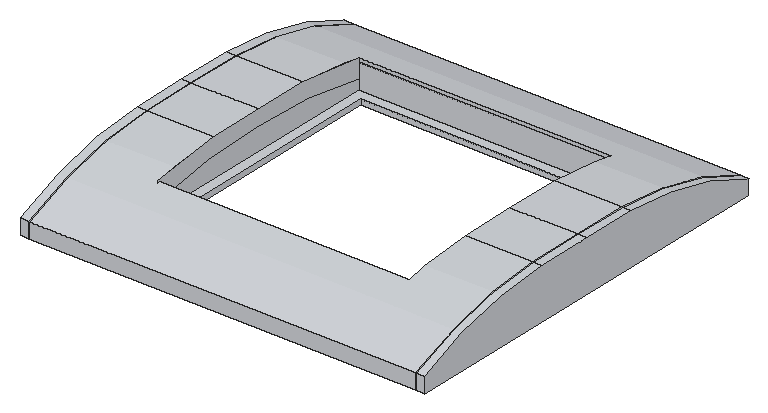
Revit family "Gira_021106", category Electrical Fixtures, host Face, Revit 2017
Family settings
  Host = Face
  Maintain Annotation Orientation = No
  Round Connector Dimension = Use Diameter
  Part Type = Normal
  Cut with Voids When Loaded = No
  Shared = No
  Room Calculation Point = No
Parameters (values of type "Abdeckrahmen 1f Zwischenr. AN Gira Event F Alu")
  Werkstoffgüte = "Thermoplast"
  Werkstoff = "Kunststoff"
  URL = "http://katalog.gira.de/de_DE/datenblatt.html?artikelnr=021106"
  Transparent = "No"
  Textfeld/Beschriftungsfläche = "No"
  Schutzart (IP) = "IP20"
  Region = "DE"
  Oberfläche = "sonstige"
  Name = "Abdeckrahmen 1f Zwischenr. AN Gira Event F Alu"
  Montagerichtung = "horizontal und vertikal"
  Mit Montagerahmen = "No"
  Mit Klappdeckel = "No"
  Manufacturer URL = "https://www.gira.de/"
  Keynote = "Event_Rahmen_1fach"
  HeinzeBIM = "https://bimportal.heinze.de/bim/abdeckrahmen-1f-zwischenr-an-gira-event-f-alu/ad00d03d6a0b88cb47f38aefa111843df317642c"
  Halogenfrei = "Yes"
  HAN = "021106"
  Geeignet für Unterputz-Installation = "Yes"
  Geeignet für Unterflurkanaldose = "No"
  Geeignet für Geräteeinbaukanal = "No"
  Geeignet für Einbauinstallation = "No"
  GTIN = "4010337211068"
  Farbe = "aluminium"
  Default Elevation = 1219.2 mm
  Data sheet (1) = "https://katalog.gira.de/de_DE/download.html?artikelnr=021106"
  Category = "Abdeckrahmen"
  Befestigungsart = "Klemmbefestigung"
  Available = "Yes"
  Anzahl der Einheiten vertikal = "1 "
  Anzahl der Einheiten horizontal = "1 "
  Anzahl der Einheiten = "1 "
Reference planes
  plane 1 "Center (Front/Back)": y = 0
  plane 2: z = 0
  plane 3 "Center (Left/Right)": x = 0
Forms (mm)
  Extrusion 1, solid, detail levels fine
    sketch origin (0, 0, 1.55) x (0, 1, 0) y (0, 0, 1)
      loop
        arc (12.445, 9.683) -> (6.223, 9.833) -> (0, 9.85) r 291.636
        arc (0, 9.85) -> (-6.223, 9.833) -> (-12.445, 9.683) r 291.636
        arc (-12.445, 9.683) -> (-29.14, 7.482) -> (-45, 1.823) r 79.728
        line (-45, 1.823) -> (-45, -1.55) -> (-41.777, -1.55) -> (-41.777, -0.55)
        arc (-41.777, -0.55) -> (-21.205, 4.846) -> (0, 6.467) r 118.15
        arc (0, 6.467) -> (21.205, 4.846) -> (41.777, -0.55) r 118.15
        line (41.777, -0.55) -> (41.777, -1.55) -> (45, -1.55) -> (45, 1.823)
        arc (45, 1.823) -> (29.14, 7.482) -> (12.445, 9.683) r 79.728
    from -43 to 43
  Extrusion 2, void, detail levels fine
    sketch origin (0, 0, 0) x (1, 0, 0) y (0, 1, 0)
      loop
        line (-28, -28) -> (28, -28) -> (28, 28) -> (-28, 28) -> (-28, -28)
    from 2.85 to 12
  Extrusion 3, solid, detail levels coarse
    sketch origin (0, 0, 0) x (1, 0, 0) y (0, 1, 0)
      loop
        line (-45, 45) -> (-45, -45) -> (45, -45) -> (45, 45) -> (-45, 45)
    from 0 to 11.4
  Extrusion 4, solid, detail levels medium
    sketch origin (0, 0, 1.55) x (0, 1, 0) y (0, 0, 1)
      loop
        arc (12.445, 9.683) -> (6.223, 9.833) -> (0, 9.85) r 291.636
        arc (0, 9.85) -> (-6.223, 9.833) -> (-12.445, 9.683) r 291.636
        arc (-12.445, 9.683) -> (-29.14, 7.482) -> (-45, 1.823) r 79.728
        line (-45, 1.823) -> (-45, -1.55) -> (45, -1.55) -> (45, 1.823)
        arc (45, 1.823) -> (29.14, 7.482) -> (12.445, 9.683) r 79.728
    from -45 to 45
  Extrusion 5, solid, detail levels fine
    sketch origin (0, 0, 0) x (0, 1, 0) y (0, 0, 1)
      loop
        arc (45, 3.373) -> (29.14, 9.032) -> (12.445, 11.233) r 79.728
        arc (12.445, 11.233) -> (6.223, 11.383) -> (0, 11.4) r 291.636
        arc (0, 11.4) -> (-6.223, 11.383) -> (-12.445, 11.233) r 291.636
        arc (-12.445, 11.233) -> (-29.14, 9.032) -> (-45, 3.373) r 79.728
        line (-45, 3.373) -> (-45, 0) -> (45, 0) -> (45, 3.373)
    from 43 to 45
  Extrusion 6, solid, detail levels fine
    sketch origin (0, 0, 0) x (0, 1, 0) y (0, 0, -1)
      loop
        line (45, -3.373) -> (45, 0) -> (-45, 0) -> (-45, -3.373)
        arc (-45, -3.373) -> (-29.14, -9.032) -> (-12.445, -11.233) r 79.728
        arc (-12.445, -11.233) -> (-6.223, -11.383) -> (0, -11.4) r 291.636
        arc (0, -11.4) -> (6.223, -11.383) -> (12.445, -11.233) r 291.636
        arc (12.445, -11.233) -> (29.14, -9.032) -> (45, -3.373) r 79.728
    from 43 to 45
  Extrusion 7, solid, detail levels fine
    sketch origin (0, 0, 0) x (1, 0, 0) y (0, 1, 0)
      loop
        line (-25.7, 25.7) -> (-25.7, -25.7) -> (25.7, -25.7) -> (25.7, 25.7) -> (-25.7, 25.7)
      loop
        line (-29.495, 27.895) -> (-29.495, -27.895)
        spline (-29.495, -27.895) -> (-29.486, -28.025) -> (-29.461, -28.154) -> (-29.419, -28.278) -> (-29.361, -28.395) -> (-29.288, -28.504) -> (-29.202, -28.602) -> (-29.104, -28.688) -> (-28.995, -28.761) -> (-28.878, -28.819) -> (-28.754, -28.861) -> (-28.625, -28.886) -> (-28.495, -28.895)
        line (-28.495, -28.895) -> (28.495, -28.895)
        spline (28.495, -28.895) -> (28.625, -28.886) -> (28.754, -28.861) -> (28.878, -28.819) -> (28.995, -28.761) -> (29.104, -28.688) -> (29.202, -28.602) -> (29.288, -28.504) -> (29.361, -28.395) -> (29.419, -28.278) -> (29.461, -28.154) -> (29.486, -28.025) -> (29.495, -27.895)
        line (29.495, -27.895) -> (29.495, 27.895)
        spline (29.495, 27.895) -> (29.486, 28.025) -> (29.461, 28.154) -> (29.419, 28.278) -> (29.361, 28.395) -> (29.288, 28.504) -> (29.202, 28.602) -> (29.104, 28.688) -> (28.995, 28.761) -> (28.878, 28.819) -> (28.754, 28.861) -> (28.625, 28.886) -> (28.495, 28.895)
        line (28.495, 28.895) -> (-28.495, 28.895)
        spline (-28.495, 28.895) -> (-28.625, 28.886) -> (-28.754, 28.861) -> (-28.878, 28.819) -> (-28.995, 28.761) -> (-29.104, 28.688) -> (-29.202, 28.602) -> (-29.288, 28.504) -> (-29.361, 28.395) -> (-29.419, 28.278) -> (-29.461, 28.154) -> (-29.486, 28.025) -> (-29.495, 27.895)
    from 1.673 to 8.5
Cuts and joins
  Extrusion 2 cuts Extrusion 1
  Extrusion 2 cuts Extrusion 7
Dimensions and locks
  aligned and locked: plane 2 to host face
  aligned and locked: level to host face
